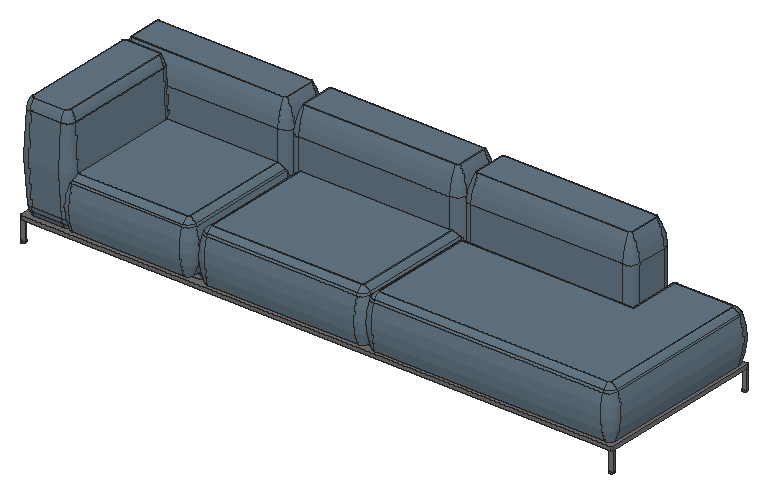
Revit family "Haworth_Mex-Hi_Sofa_ExtraWide-wPeninsula", category Furniture, Revit 2018 (continued)
Definition of nested family "Haworth_Mex-Hi_Sofa_Seat-Wide-PART"
  Forms (in)
    Sweep 7, solid, material <- "Seat Upholstery Finish", visible <- "Middle Large Seat"
      path origin (4.78944, 14.72405, 0) x (1, 0, 0) y (0, 1, 0)
        loop
          line (-32.55933, -14.53597) -> (-32.55933, -37.69252)
          arc (-32.55933, -37.69252) -> (-32.04677, -38.92996) -> (-30.80933, -39.44252) r 1.75
          line (-30.80933, -39.44252) -> (8.99067, -39.44252)
      profile origin (-6.11989, -24.71848, 0) x (0, -1, 0) y (0, 0, 1)
        loop
          arc (-0.11034, 13.92822) -> (-0.19803, 14.13034) -> (-0.31579, 14.31655) r 1.42697
          arc (-0.31579, 14.31655) -> (-0.8708, 14.91087) -> (-1.54213, 15.36974) r 3.70331
          line (-1.54213, 15.36974) -> (-1.54213, 4.88189) -> (-0.41268, 4.88189)
          arc (-0.41268, 4.88189) -> (0.57441, 9.37712) -> (-0.11034, 13.92822) r 12.66244
    Extrusion 8, solid, material <- "Seat Upholstery Finish", visible <- "Middle Large Seat"
      sketch origin (4.78944, 14.97405, 0) x (1, 0, 0) y (0, 1, 0)
        loop
          arc (9.19853, -14.53597) -> (9.13765, -14.38899) -> (8.99067, -14.32811) r 0.20787
          line (8.99067, -14.32811) -> (-30.80933, -14.32811)
          arc (-30.80933, -14.32811) -> (-30.95632, -14.38899) -> (-31.0172, -14.53597) r 0.20787
          line (-31.0172, -14.53597) -> (-31.0172, -37.69252)
          arc (-31.0172, -37.69252) -> (-30.95632, -37.83951) -> (-30.80933, -37.90039) r 0.20787
          line (-30.80933, -37.90039) -> (8.99067, -37.90039)
          arc (8.99067, -37.90039) -> (9.13765, -37.83951) -> (9.19853, -37.69252) r 0.20787
          line (9.19853, -37.69252) -> (9.19853, -14.53597)
      from 4.88189 to 15.36974
  Lines and regions (in)
    Masking region 1, visible <- "Middle Small Seat"
      outline origin (0, 0, 0) x (1, 0, 0) y (0, 1, 0)
        loop
          line (-23.80117, 0.15039) -> (-23.80117, -22.93079)
          arc (-23.80117, -22.93079) -> (-23.06894, -24.69856) -> (-21.30117, -25.43079) r 2.5
          line (-21.30117, -25.43079) -> (9.06138, -25.43079)
          arc (9.06138, -25.43079) -> (10.82915, -24.69856) -> (11.56138, -22.93079) r 2.5
          line (11.56138, -22.93079) -> (11.56138, 0.15039)
          arc (11.56138, 0.15039) -> (10.82915, 1.91816) -> (9.06138, 2.65039) r 2.5
          line (9.06138, 2.65039) -> (-21.30117, 2.65039)
          arc (-21.30117, 2.65039) -> (-23.06894, 1.91816) -> (-23.80117, 0.15039) r 2.5
    Masking region 2, visible <- "L/R Seat"
      outline origin (0, 0, 0) x (1, 0, 0) y (0, 1, 0)
        loop
          line (-19.80117, 0.15039) -> (-19.80117, -22.93079)
          arc (-19.80117, -22.93079) -> (-19.06894, -24.69856) -> (-17.30117, -25.43079) r 2.5
          line (-17.30117, -25.43079) -> (5.06138, -25.43079)
          arc (5.06138, -25.43079) -> (6.82915, -24.69856) -> (7.56138, -22.93079) r 2.5
          line (7.56138, -22.93079) -> (7.56138, 0.15039)
          arc (7.56138, 0.15039) -> (6.82915, 1.91816) -> (5.06138, 2.65039) r 2.5
          line (5.06138, 2.65039) -> (-17.30117, 2.65039)
          arc (-17.30117, 2.65039) -> (-19.06894, 1.91816) -> (-19.80117, 0.15039) r 2.5
    Masking region 3, visible <- "Peninsula Seat"
      outline origin (0, 0, 0) x (1, 0, 0) y (0, 1, 0)
        loop
          line (4.77305, 0.27539) -> (-28.30117, 0.27539)
          arc (-28.30117, 0.27539) -> (-29.89216, -0.38362) -> (-30.55117, -1.97461) r 2.25
          line (-30.55117, -1.97461) -> (-30.55117, -23.05579)
          arc (-30.55117, -23.05579) -> (-29.89216, -24.64678) -> (-28.30117, -25.30579) r 2.25
          line (-28.30117, -25.30579) -> (18.93638, -25.30579)
          arc (18.93638, -25.30579) -> (20.52737, -24.64678) -> (21.18638, -23.05579) r 2.25
          line (21.18638, -23.05579) -> (21.18638, 8.52539)
          arc (21.18638, 8.52539) -> (20.52737, 10.11638) -> (18.93638, 10.77539) r 2.25
          line (18.93638, 10.77539) -> (7.02305, 10.77539)
          arc (7.02305, 10.77539) -> (5.43206, 10.11638) -> (4.77305, 8.52539) r 2.25
          line (4.77305, 8.52539) -> (4.77305, 0.27539)
    Masking region 4, visible <- "Middle Large Seat"
      outline origin (0, 0, 0) x (1, 0, 0) y (0, 1, 0)
        loop
          line (-28.42172, 0.15039) -> (-28.42172, -22.93079)
          arc (-28.42172, -22.93079) -> (-27.68949, -24.69856) -> (-25.92172, -25.43079) r 2.5
          line (-25.92172, -25.43079) -> (13.61448, -25.43079)
          arc (13.61448, -25.43079) -> (15.38225, -24.69856) -> (16.11448, -22.93079) r 2.5
          line (16.11448, -22.93079) -> (16.11448, 0.15039)
          arc (16.11448, 0.15039) -> (15.38225, 1.91816) -> (13.61448, 2.65039) r 2.5
          line (13.61448, 2.65039) -> (-25.92172, 2.65039)
          arc (-25.92172, 2.65039) -> (-27.68949, 1.91816) -> (-28.42172, 0.15039) r 2.5
  Dimensions and locks (in)
    equal spacing: plane 8 "Left", plane 2 "Center L/R", plane 7 "Right"
    "Actual Width": plane 8 "Left" to plane 7 "Right"
    equal spacing: plane 5 "Back", plane 3 "Center F/B", plane 6 "Front"
    "Actual Depth": plane 5 "Back" to plane 6 "Front"
    "Actual Height": plane 4 "Top" to plane 1
    "Seat Height": plane 9 to level
    aligned and locked: Sweep 7 to Extrusion 8 sketch curve
    aligned and locked: Extrusion 8 sketch curve to Sweep 7
  Automatic sketch dimensions
    plane 8 "Left" to Extrusion 1 sketch curve = 2.29174"
    Extrusion 1 sketch curve to Extrusion 1 sketch curve = 0.20787"  (x3)
    Extrusion 1 sketch curve to plane 7 "Right" = 2.49961"  (x2)
    plane 6 "Front" to Extrusion 1 sketch curve = 2.72405"
    Extrusion 1 sketch curve to plane 5 "Back" = 2.71232"
    plane 8 "Left" to Sweep 2 sketch curve = 0.74961"
    Sweep 2 sketch curve to plane 5 "Back" = 0.96232"
    Sweep 2 sketch curve to Sweep 2 sketch curve = 1.75"  (x2)
    plane 6 "Front" to Sweep 2 sketch curve = 1.18191"
    Sweep 2 sketch curve to plane 7 "Right" = 2.49961"  (x2)
    Sweep 2 sketch curve to plane 7 "Right" = 0.74961"
    profile plane to Sweep 2 sketch curve = 12.08096"
    profile plane to Sweep 2 sketch curve = 3.28358"
    profile plane to Sweep 2 sketch curve = 1.54213"
    profile plane to Sweep 2 sketch curve = 1.45935"
    profile plane to Sweep 2 sketch curve = 0.41268"
    level to Sweep 2 sketch curve = 4.88189"
    level to Sweep 2 sketch curve = 9.80008"
    Sweep 2 sketch curve to Sweep 2 sketch curve = 7.21954"
    Sweep 2 sketch curve to Sweep 2 sketch curve = 1.36158"
    Sweep 2 sketch curve to Sweep 2 sketch curve = 1.90673"
    Sweep 2 sketch curve to Sweep 2 sketch curve = 0.00"
    plane 6 "Front" to Extrusion 3 sketch curve = 2.93191"  (x2)
    plane 8 "Left" to Extrusion 3 sketch curve = 6.29174"
    Extrusion 3 sketch curve to Extrusion 3 sketch curve = 0.20787"  (x2)
    Extrusion 3 sketch curve to plane 5 "Back" = 2.71232"
    Extrusion 3 sketch curve to plane 7 "Right" = 6.49961"  (x2)
    plane 8 "Left" to Sweep 4 sketch curve = 4.74961"
    Sweep 4 sketch curve to plane 5 "Back" = 0.96232"
    Sweep 4 sketch curve to Sweep 4 sketch curve = 1.75"  (x3)
    plane 6 "Front" to Sweep 4 sketch curve = 1.18191"
    plane 6 "Front" to Sweep 4 sketch curve = 2.93191"
    Sweep 4 sketch curve to plane 7 "Right" = 6.49961"
    profile plane to Sweep 4 sketch curve = 12.08096"
    profile plane to Sweep 4 sketch curve = 3.28358"
    profile plane to Sweep 4 sketch curve = 1.54213"
    profile plane to Sweep 4 sketch curve = 1.45935"
    profile plane to Sweep 4 sketch curve = 0.41268"
    level to Sweep 4 sketch curve = 4.88189"
    level to Sweep 4 sketch curve = 9.80008"
    Sweep 4 sketch curve to Sweep 4 sketch curve = 7.21954"
    Sweep 4 sketch curve to Sweep 4 sketch curve = 1.36158"
    Sweep 4 sketch curve to Sweep 4 sketch curve = 1.90673"
    Sweep 4 sketch curve to Sweep 4 sketch curve = 0.00"
    plane 8 "Left" to Masking region 1 sketch curve = 0.16833"
    plane 6 "Front" to Masking region 1 sketch curve = 0.4696"
    plane 8 "Left" to Masking region 1 sketch curve = 2.66833"
    Masking region 1 sketch curve to Masking region 1 sketch curve = 2.50"
    Masking region 1 sketch curve to plane 5 "Back" = 0.25"
    Masking region 1 sketch curve to plane 7 "Right" = 2.66833"  (x2)
    Masking region 1 sketch curve to plane 7 "Right" = 0.16833"
    plane 8 "Left" to Masking region 2 sketch curve = 4.16833"
    Masking region 2 sketch curve to Masking region 2 sketch curve = 2.50"  (x3)
    Masking region 2 sketch curve to plane 5 "Back" = 0.25"
    Masking region 2 sketch curve to plane 7 "Right" = 6.66833"  (x2)
    plane 6 "Front" to Masking region 2 sketch curve = 0.4696"
    Sweep 5 sketch curve to plane 8 "Left" = 5.99435"
    Sweep 5 sketch curve to Sweep 5 sketch curve = 1.75"  (x4)
    Sweep 5 sketch curve to plane 7 "Right" = 6.36935"
    plane 7 "Right" to Sweep 5 sketch curve = 7.11935"  (x2)
    plane 6 "Front" to Sweep 5 sketch curve = 2.93191"
    Sweep 5 sketch curve to plane 5 "Back" = 4.96232"
    plane 5 "Back" to Sweep 5 sketch curve = 5.53768"
    profile plane to Sweep 5 sketch curve = 12.08096"
    profile plane to Sweep 5 sketch curve = 3.28358"
    profile plane to Sweep 5 sketch curve = 1.54213"
    profile plane to Sweep 5 sketch curve = 1.45935"
    profile plane to Sweep 5 sketch curve = 0.41268"
    level to Sweep 5 sketch curve = 4.88189"
    level to Sweep 5 sketch curve = 9.80008"
    Sweep 5 sketch curve to Sweep 5 sketch curve = 7.21954"
    Sweep 5 sketch curve to Sweep 5 sketch curve = 1.36158"
    Sweep 5 sketch curve to Sweep 5 sketch curve = 1.90673"
    Sweep 5 sketch curve to Sweep 5 sketch curve = 0.00"
    Extrusion 6 sketch curve to plane 8 "Left" = 4.45222"
    Extrusion 6 sketch curve to Extrusion 6 sketch curve = 0.20787"  (x4)
    Extrusion 6 sketch curve to plane 7 "Right" = 4.82722"
    plane 6 "Front" to Extrusion 6 sketch curve = 2.72405"
    plane 7 "Right" to Extrusion 6 sketch curve = 7.11935"  (x2)
    Extrusion 6 sketch curve to plane 5 "Back" = 4.96232"
    plane 5 "Back" to Extrusion 6 sketch curve = 5.53768"
    Masking region 3 sketch curve to plane 8 "Left" = 6.58167"
    plane 6 "Front" to Masking region 3 sketch curve = 0.5946"
    Masking region 3 sketch curve to Masking region 3 sketch curve = 2.25"  (x4)
    Masking region 3 sketch curve to plane 5 "Back" = 2.625"
    Masking region 3 sketch curve to plane 7 "Right" = 6.95667"
    plane 7 "Right" to Masking region 3 sketch curve = 7.20667"  (x2)
    plane 5 "Back" to Masking region 3 sketch curve = 5.625"
    Sweep 7 sketch curve to plane 8 "Left" = 3.80039"
    Sweep 7 sketch curve to plane 5 "Back" = 0.96232"
    Sweep 7 sketch curve to plane 8 "Left" = 2.05039"  (x2)
    plane 6 "Front" to Sweep 7 sketch curve = 1.18191"
    plane 7 "Right" to Sweep 7 sketch curve = 2.05039"  (x2)
    Sweep 7 sketch curve to Sweep 7 sketch curve = 1.75"
    profile plane to Sweep 7 sketch curve = 12.08096"
    profile plane to Sweep 7 sketch curve = 3.28358"
    profile plane to Sweep 7 sketch curve = 1.54213"
    profile plane to Sweep 7 sketch curve = 1.45935"
    profile plane to Sweep 7 sketch curve = 0.41268"
    level to Sweep 7 sketch curve = 4.88189"
    level to Sweep 7 sketch curve = 9.80008"
    Sweep 7 sketch curve to Sweep 7 sketch curve = 7.21954"
    Sweep 7 sketch curve to Sweep 7 sketch curve = 1.36158"
    Sweep 7 sketch curve to Sweep 7 sketch curve = 1.90673"
    Sweep 7 sketch curve to Sweep 7 sketch curve = 0.00"
    Extrusion 8 sketch curve to Extrusion 8 sketch curve = 0.20787"  (x4)
    plane 6 "Front" to Extrusion 8 sketch curve = 2.97405"
    Extrusion 8 sketch curve to plane 5 "Back" = 2.46232"
    Masking region 4 sketch curve to plane 5 "Back" = 2.75"
    Masking region 4 sketch curve to plane 8 "Left" = 4.45222"
    plane 6 "Front" to Masking region 4 sketch curve = 0.4696"
    Masking region 4 sketch curve to plane 8 "Left" = 1.95222"  (x2)
    plane 7 "Right" to Masking region 4 sketch curve = 1.88477"  (x2)
    Masking region 4 sketch curve to Masking region 4 sketch curve = 2.50"
Definition of nested family "Haworth_Mex-Hi_Sofa_Arm-Wide-PART"
  Parameters (values of type "Arm Wide - PART")
    Warranty = "http://www.haworth.com/resources/product-info/warranties"
    URL - Product = "https://www.haworth.com/na/en/products/lounge-sofas/ottomans/mex-hi-seating.html"
    URL = "https://www.haworth.com/na/en/about/brands/haworth-collection.html"
    Sustainability Info = "https://www.haworth.com/na/en/expertise/sustainability.html"
    Size = "Verify Final Dim. w/ Haworth"  # constant formula
    Seat Height = 17.00"  # constant formula
    Revision Number = "1"  # constant formula
    Model = "Haworth - Cassina - Mex-Hi"  # constant formula
    Manufacturer = "Haworth"  # constant formula
    Description = "Haworth - Cassina - Mex-Hi - Arm - Wide - PART"  # constant formula
    Author = "Haworth (Abd Rahman)"  # constant formula
    Assembly Code = "E2020200"
    Arm Finish [instance] = none
    Actual Width = 10.60"  # constant formula
    Actual Height = 27.39844"  # constant formula
    Actual Depth = 26.95"  # constant formula
  Reference planes (in)
    plane 1: z = 0
    plane 2 "Top": z = 27.39844
    plane 3: z = 17
    plane 4 "Center (Left/Right)": x = -6.86693
    plane 5 "Right": x = -1.56693
    plane 6 "Left": x = -12.16693
    plane 7 "Back": y = 4.0526
    plane 8 "Front": y = -22.8974
    plane 9 "Center (Front/Back)": y = -9.4224
  Forms (in)
    Extrusion 1, solid, material <- "Arm Finish"
      sketch origin (0.63191, -49.7521, 0) x (0, -1, 0) y (1, 0, 0)
        loop
          arc (-51.61789, -3.68512) -> (-52.10354, -3.88628) -> (-52.3047, -4.37193) r 0.68681
          line (-52.3047, -4.37193) -> (-52.3047, -10.62086)
          arc (-52.3047, -10.62086) -> (-52.10354, -11.10651) -> (-51.61789, -11.30768) r 0.68681
          line (-51.61789, -11.30768) -> (-29.02629, -11.30768)
          arc (-29.02629, -11.30768) -> (-28.54064, -11.10651) -> (-28.33948, -10.62086) r 0.68681
          line (-28.33948, -10.62086) -> (-28.33948, -4.37193)
          arc (-28.33948, -4.37193) -> (-28.54064, -3.88628) -> (-29.02629, -3.68512) r 0.68681
          line (-29.02629, -3.68512) -> (-51.61789, -3.68512)
      from 4.93145 to 26.69365
    Sweep 2, solid, material <- "Arm Finish"
      path origin (2.28007, -11.64795, 0) x (0, -1, 0) y (1, 0, 0)
        loop
          arc (-13.51374, -5.2201) -> (-14.07942, -5.45441) -> (-14.31374, -6.0201) r 0.8
          line (-14.31374, -6.0201) -> (-14.31374, -12.26903)
          arc (-14.31374, -12.26903) -> (-14.07942, -12.83471) -> (-13.51374, -13.06903) r 0.8
          line (-13.51374, -13.06903) -> (9.07287, -13.06903)
          arc (9.07287, -13.06903) -> (9.63856, -12.83471) -> (9.87287, -12.26903) r 0.8
          line (9.87287, -12.26903) -> (9.87287, -6.0201)
          arc (9.87287, -6.0201) -> (9.63856, -5.45441) -> (9.07287, -5.2201) r 0.8
          line (9.07287, -5.2201) -> (-13.51374, -5.2201)
      profile origin (-2.94003, -9.42752, 0) x (1, 0, 0) y (0, 0, 1)
        loop
          arc (-0.11319, 4.93145) -> (0.10629, 5.35475) -> (0.30664, 5.78743) r 10.67748
          arc (0.30664, 5.78743) -> (0.49657, 6.31175) -> (0.61822, 6.85598) r 4.37313
          arc (0.61822, 6.85598) -> (1.36933, 15.6991) -> (0.85457, 24.55912) r 62.21694
          arc (0.85457, 24.55912) -> (0.85037, 24.58806) -> (0.84533, 24.61687) r 1
          arc (0.84533, 24.61687) -> (0.49365, 25.71414) -> (-0.11319, 26.69365) r 4.72445
          line (-0.11319, 26.69365) -> (-0.11319, 4.93145)
  Lines and regions (in)
    Masking region 1
      outline origin (0, 0, 0) x (1, 0, 0) y (0, 1, 0)
        loop
          line (-3.71693, 4.0526) -> (-10.01693, 4.0526)
          arc (-10.01693, 4.0526) -> (-11.53721, 3.42288) -> (-12.16693, 1.9026) r 2.15
          line (-12.16693, 1.9026) -> (-12.16693, -20.74456)
          arc (-12.16693, -20.74456) -> (-11.53638, -22.26685) -> (-10.0141, -22.8974) r 2.15284
          line (-10.0141, -22.8974) -> (-3.71693, -22.8974)
          arc (-3.71693, -22.8974) -> (-2.19665, -22.26768) -> (-1.56693, -20.7474) r 2.15
          line (-1.56693, -20.7474) -> (-1.56693, 1.9026)
          arc (-1.56693, 1.9026) -> (-2.19665, 3.42288) -> (-3.71693, 4.0526) r 2.15
  Dimensions and locks (in)
    "Actual Height": plane 2 "Top" to plane 1
    "Seat Height": plane 3 to level
    equal spacing: plane 6 "Left", plane 4 "Center (Left/Right)", plane 5 "Right"
    "Actual Width": plane 6 "Left" to plane 5 "Right"
    equal spacing: plane 8 "Front", plane 9 "Center (Front/Back)", plane 7 "Back"
    "Actual Depth": plane 8 "Front" to plane 7 "Back"
  Automatic sketch dimensions
    Sweep 2 sketch curve to Sweep 2 sketch curve = 0.80"  (x3)
    Sweep 2 sketch curve to Sweep 2 sketch curve = 0.00"  (x4)
    Sweep 2 sketch curve to Sweep 2 sketch curve = 6.24893"
    level to Sweep 2 sketch curve = 16.52967"
    profile plane to Sweep 2 sketch curve = 60.84208"
    profile plane to Sweep 2 sketch curve = 9.48023"
    profile plane to Sweep 2 sketch curve = 3.79596"
    profile plane to Sweep 2 sketch curve = 3.70172"
    profile plane to Sweep 2 sketch curve = 0.13707"
    profile plane to Sweep 2 sketch curve = 0.11319"
    level to Sweep 2 sketch curve = 10.05658"
    Sweep 2 sketch curve to Sweep 2 sketch curve = 2.52065"
    Sweep 2 sketch curve to Sweep 2 sketch curve = 2.60448"
    Sweep 2 sketch curve to Sweep 2 sketch curve = 13.67773"
    Sweep 2 sketch curve to Sweep 2 sketch curve = 0.69575"
    Sweep 2 sketch curve to Sweep 2 sketch curve = 2.26359"
    Extrusion 1 sketch curve to Extrusion 1 sketch curve = 0.68681"  (x3)
    Extrusion 1 sketch curve to Extrusion 1 sketch curve = 22.5916"
    Extrusion 1 sketch curve to Extrusion 1 sketch curve = 0.00"
    Extrusion 1 sketch curve to Extrusion 1 sketch curve = 6.24893"
    plane 6 "Left" to Extrusion 1 sketch curve = 1.49116"
    plane 6 "Left" to Sweep 2 sketch curve = 1.37798"
    plane 7 "Back" to Extrusion 1 sketch curve = 1.50"
    plane 7 "Back" to Sweep 2 sketch curve = 1.38681"
    plane 8 "Front" to Sweep 2 sketch curve = 2.17657"
    Masking region 1 sketch curve to plane 6 "Left" = 0.00"
    plane 6 "Left" to Masking region 1 sketch curve = 2.15"
    plane 8 "Front" to Masking region 1 sketch curve = 2.15284"
    Masking region 1 sketch curve to Masking region 1 sketch curve = 2.15284"
    Masking region 1 sketch curve to plane 5 "Right" = 2.15"  (x2)
    Masking region 1 sketch curve to plane 5 "Right" = 0.00"
    plane 7 "Back" to Masking region 1 sketch curve = 2.15"
Types (2): name | Without Arms | With Arms | Description
  Three Seat Sofa - With One Arm | no | yes | "Haworth - Cassina - Mex-Hi - Sofa - One Arm - Extra Wide with Peninsula - Three Seat"
  Three Seat Sofa - Without Arm | yes | no | "Haworth - Cassina - Mex-Hi - Sofa - Without Arm - Extra Wide with Peninsula - Three Seat"
